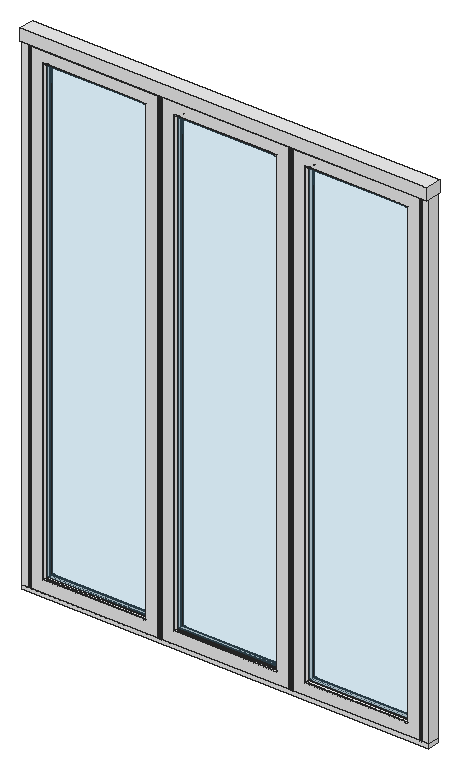
Revit family "Window-NanaWall-WD-66", category Windows, host Wall, Revit 2013 (continued)
Definition of nested family "Right-Jamb_WD-66"
  Definition of nested family "RightJamb_WD66"
    Lines and regions (in)
      model lines, style "DetailComponents", in view "Ref. Level"
        curve 86: arc (3.7709855, 0.779978, 0) -> (3.7659133, 0.781982, 0) -> (3.7607556, 0.7802096, 0) r 0.007874
        curve 87: arc (3.7233905, 0.7550084, 0) -> (3.727531, 0.7545118, 0) -> (3.7313445, 0.7561994, 0) r 0.007874
        curve 88: arc (3.7759883, 0.7332389, 0) -> (3.7709161, 0.7352429, 0) -> (3.7657585, 0.7334705, 0) r 0.007874
        curve 90: arc (3.6476249, 0.6894568, 0) -> (3.6509826, 0.6830067, 0) -> (3.658192, 0.6820576, 0) r 0.007874
        curve 92: arc (3.6584735, 0.7389739, 0) -> (3.651107, 0.7382187, 0) -> (3.6476249, 0.7316833, 0) r 0.007874
        curve 108: arc (3.798066, -0.7891193, 0) -> (3.8006851, -0.782985, 0) -> (3.7976572, -0.7770417, 0) r 0.007874
        curve 109: arc (3.7691516, -0.7179866, 0) -> (3.7614846, -0.7168465, 0) -> (3.7565556, -0.7228289, 0) r 0.007874
        curve 110: arc (3.7428694, -0.7472288, 0) -> (3.7494994, -0.7466487, 0) -> (3.7533168, -0.7411969, 0) r 0.007874
        curve 111: arc (3.845301, -0.7891193, 0) -> (3.8479201, -0.782985, 0) -> (3.8448922, -0.7770417, 0) r 0.007874
        curve 112: arc (3.760268, -0.85628, 0) -> (3.7654256, -0.8580524, 0) -> (3.7704978, -0.8560485, 0) r 0.007874
        curve 113: arc (3.7308569, -0.8322698, 0) -> (3.7270434, -0.8305822, 0) -> (3.7229028, -0.8310789, 0) r 0.007874
        curve 114: arc (3.7652708, -0.8095409, 0) -> (3.7704285, -0.8113133, 0) -> (3.7755006, -0.8093093, 0) r 0.007874
        curve 116: arc (3.6577043, -0.758128, 0) -> (3.6504949, -0.7590772, 0) -> (3.6471372, -0.7655272, 0) r 0.007874
        curve 118: arc (3.6476249, -0.8104817, 0) -> (3.6518379, -0.81496, 0) -> (3.6579858, -0.8150443, 0) r 0.007874
        curve 123: arc (3.6476249, -1.2401575, 0) -> (3.676453, -1.3097546, 0) -> (3.7460501, -1.3385827, 0) r 0.0984252
        curve 124: arc (3.6476249, 0.8661417, 0) -> (3.6706873, 0.810464, 0) -> (3.726365, 0.7874016, 0) r 0.0787402
        curve 125: arc (3.726365, -0.8661417, 0) -> (3.6706873, -0.8892042, 0) -> (3.6476249, -0.9448819, 0) r 0.0787402
        curve 126: arc (3.7460501, 1.2598425, 0) -> (3.676453, 1.2310144, 0) -> (3.6476249, 1.1614173, 0) r 0.0984252
        curve 127: arc (5.222428, 1.1614173, 0) -> (5.1936, 1.2310144, 0) -> (5.1240028, 1.2598425, 0) r 0.0984252
        curve 128: arc (5.1240028, -1.3385827, 0) -> (5.1936, -1.3097546, 0) -> (5.222428, -1.2401575, 0) r 0.0984252
        curve 129: arc (3.8641603, 0.1636519, 0) -> (3.8731509, 0.1184531, 0) -> (3.898754, 0.0801354, 0) r 0.1181102
        curve 130: arc (3.898754, -0.1588755, 0) -> (3.8731509, -0.1971932, 0) -> (3.8641603, -0.2423921, 0) r 0.1181102
        curve 131: arc (3.6673099, -0.6496063, 0) -> (3.6533905, -0.6553719, 0) -> (3.6476249, -0.6692913, 0) r 0.019685
        curve 132: arc (3.6476249, -0.698424, 0) -> (3.6511849, -0.7097149, 0) -> (3.6605772, -0.7169219, 0) r 0.019685
        curve 133: arc (3.6605772, 0.6381818, 0) -> (3.6511849, 0.6309748, 0) -> (3.6476249, 0.6196839, 0) r 0.019685
        curve 134: arc (3.6476249, 0.5905512, 0) -> (3.6533905, 0.5766318, 0) -> (3.6673099, 0.5708661, 0) r 0.019685
        curve 135: arc (4.0806958, -0.8464567, 0) -> (4.0691645, -0.8186178, 0) -> (4.0413257, -0.8070866, 0) r 0.0393701
        curve 136: arc (3.9232154, -0.8070866, 0) -> (3.9347467, -0.8349255, 0) -> (3.9625855, -0.8464567, 0) r 0.0393701
        curve 137: arc (4.1200658, -0.7086614, 0) -> (4.1085346, -0.6808226, 0) -> (4.0806958, -0.6692913, 0) r 0.0393701
        curve 138: arc (3.945522, -0.1485326, 0) -> (3.9310614, -0.1380367, 0) -> (3.9140686, -0.1435609, 0) r 0.019685
        curve 139: arc (3.9620231, -0.2898174, 0) -> (4.0316149, -0.3315301, 0) -> (4.1094809, -0.3543307, 0) r 0.3188976
        curve 140: arc (3.945522, -0.1485326, 0) -> (3.9937973, -0.2132651, 0) -> (4.0607998, -0.258337, 0) r 0.2401575
        curve 141: arc (3.9620231, -0.2898174, 0) -> (3.9495567, -0.2884665, 0) -> (3.9429005, -0.2990933, 0) r 0.011811
        curve 142: arc (4.1200658, -0.3543307, 0) -> (4.1479047, -0.3427995, 0) -> (4.1594359, -0.3149606, 0) r 0.0393701
        curve 143: arc (4.0607998, -0.258337, 0) -> (4.07957, -0.2569215, 0) -> (4.0885698, -0.2403889, 0) r 0.019685
        curve 144: arc (4.0607998, 0.1795969, 0) -> (3.9937973, 0.1345249, 0) -> (3.945522, 0.0697924, 0) r 0.2401575
        curve 145: arc (4.1094809, 0.2755906, 0) -> (4.0316149, 0.25279, 0) -> (3.9620231, 0.2110773, 0) r 0.3188976
        curve 146: arc (3.9140686, 0.0648207, 0) -> (3.9310614, 0.0592965, 0) -> (3.945522, 0.0697924, 0) r 0.019685
        curve 147: arc (3.9429005, 0.2203531, 0) -> (3.9495567, 0.2097263, 0) -> (3.9620231, 0.2110773, 0) r 0.011811
        curve 148: arc (4.1594359, 0.2362205, 0) -> (4.1479047, 0.2640593, 0) -> (4.1200658, 0.2755906, 0) r 0.0393701
        curve 149: arc (4.0885698, 0.1616488, 0) -> (4.07957, 0.1781814, 0) -> (4.0607998, 0.1795969, 0) r 0.019685
        curve 150: arc (4.0413257, 0.7283465, 0) -> (4.0691645, 0.7398777, 0) -> (4.0806958, 0.7677165, 0) r 0.0393701
        curve 151: arc (3.9625855, 0.7677165, 0) -> (3.9347467, 0.7561853, 0) -> (3.9232154, 0.7283465, 0) r 0.0393701
        curve 152: arc (4.0806958, 0.5905512, 0) -> (4.1085346, 0.6020824, 0) -> (4.1200658, 0.6299213, 0) r 0.0393701
        curve 261: line (3.7566086, 0.5135267, 0) -> (3.7854202, 0.184209, 0)
        curve 262: line (4.0512776, -0.215908, 0) -> (4.0610107, -0.104658, 0)
        curve 263: line (4.0610107, 0.0259178, 0) -> (4.0512776, 0.1371678, 0)
        curve 264: line (3.8575524, -0.0984252, 0) -> (3.9217436, -0.0984252, 0)
        curve 265: line (3.9217436, 0.019685, 0) -> (3.8575524, 0.019685, 0)
        curve 266: line (3.7460501, -0.321217, 0) -> (3.7460501, -0.635336, 0)
        curve 267: line (3.7460501, -0.635336, 0) -> (3.6476249, -0.6439471, 0)
        curve 268: line (3.6476249, -0.6439471, 0) -> (3.6476249, -1.3385827, 0)
        curve 331: line (3.7233905, 0.7550084, 0) -> (3.6476249, 0.785921, 0)
        curve 332: line (3.6476249, 0.785921, 0) -> (3.6476249, 1.0024565, 0)
        curve 333: line (3.658192, 0.6820576, 0) -> (3.6836355, 0.6913183, 0)
        curve 334: line (3.6836355, 0.6913183, 0) -> (3.7857645, 0.6913183, 0)
        curve 335: line (3.7857645, 0.6913183, 0) -> (3.7981449, 0.7009713, 0)
        curve 336: line (3.6476249, 0.5497006, 0) -> (3.6476249, 0.6363147, 0)
        curve 337: line (3.6476249, 0.6363147, 0) -> (3.743357, 0.6711584, 0)
        curve 338: line (3.7657585, 0.7334705, 0) -> (3.7528457, 0.7229289, 0)
        curve 339: line (3.7528457, 0.7229289, 0) -> (3.6977991, 0.7229289, 0)
        curve 340: line (3.6977991, 0.7229289, 0) -> (3.6584735, 0.7389739, 0)
        curve 341: line (3.8457886, 0.7130489, 0) -> (3.7709855, 0.779978, 0)
        curve 342: line (3.7985536, 0.7130489, 0) -> (3.7759883, 0.7332389, 0)
        curve 343: line (3.7696393, 0.6419162, 0) -> (3.8453799, 0.7009713, 0)
        curve 344: line (3.7538045, 0.6651265, 0) -> (3.7570433, 0.6467584, 0)
        curve 345: line (3.7607556, 0.7802096, 0) -> (3.7313445, 0.7561994, 0)
        curve 346: line (3.6476249, 0.7316833, 0) -> (3.6476249, 0.6894568, 0)
        curve 397: line (3.7229028, -0.8310789, 0) -> (3.6471372, -0.8619914, 0)
        curve 398: line (3.6471372, -0.8619914, 0) -> (3.6471372, -1.0785269, 0)
        curve 399: line (3.6577043, -0.758128, 0) -> (3.6831478, -0.7673887, 0)
        curve 400: line (3.6831478, -0.7673887, 0) -> (3.7852768, -0.7673887, 0)
        curve 401: line (3.7852768, -0.7673887, 0) -> (3.7976572, -0.7770417, 0)
        curve 402: line (3.6471372, -0.625771, 0) -> (3.6471372, -0.7123851, 0)
        curve 403: line (3.6471372, -0.7123851, 0) -> (3.7428694, -0.7472288, 0)
        curve 404: line (3.7652708, -0.8095409, 0) -> (3.752358, -0.7989993, 0)
        curve 405: line (3.752358, -0.7989993, 0) -> (3.6973114, -0.7989993, 0)
        curve 406: line (3.6973114, -0.7989993, 0) -> (3.6579858, -0.8150443, 0)
        curve 407: line (3.845301, -0.7891193, 0) -> (3.7704978, -0.8560485, 0)
        curve 408: line (3.798066, -0.7891193, 0) -> (3.7755006, -0.8093093, 0)
        curve 409: line (3.7691516, -0.7179866, 0) -> (3.8448922, -0.7770417, 0)
        curve 410: line (3.7533168, -0.7411969, 0) -> (3.7565556, -0.7228289, 0)
        curve 411: line (3.760268, -0.85628, 0) -> (3.7308569, -0.8322698, 0)
        curve 412: line (3.6471372, -0.8077537, 0) -> (3.6471372, -0.7655272, 0)
        curve 436: line (3.6476249, -0.9448819, 0) -> (3.6476249, -1.2401575, 0)
        curve 437: line (3.7460501, -1.3385827, 0) -> (5.1240028, -1.3385827, 0)
        curve 438: line (3.726365, 0.7874016, 0) -> (4.198806, 0.7874016, 0)
        curve 439: line (4.198806, 0.7874016, 0) -> (4.198806, 0.5905512, 0)
        curve 440: line (4.198806, 0.5905512, 0) -> (3.9429005, 0.5905512, 0)
        curve 441: line (3.9429005, 0.5905512, 0) -> (3.9429005, 0.2203531, 0)
        curve 442: line (5.1240028, 1.2598425, 0) -> (3.7460501, 1.2598425, 0)
        curve 443: line (3.726365, -0.8661417, 0) -> (4.198806, -0.8661417, 0)
        curve 444: line (4.198806, -0.8661417, 0) -> (4.198806, -0.6692913, 0)
        curve 445: line (4.198806, -0.6692913, 0) -> (3.9429005, -0.6692913, 0)
        curve 446: line (3.9429005, -0.6692913, 0) -> (3.9429005, -0.3543307, 0)
        curve 447: line (3.9429005, -0.3543307, 0) -> (4.198806, -0.3543307, 0)
        curve 448: line (4.198806, -0.3543307, 0) -> (4.198806, 0.2755906, 0)
        curve 449: line (4.198806, 0.2755906, 0) -> (3.9429005, 0.2755906, 0)
        curve 450: line (3.9429005, 0.2755906, 0) -> (3.9429005, 0.5905512, 0)
        curve 451: line (3.9429005, 0.5905512, 0) -> (4.0806958, 0.5905512, 0)
        curve 452: line (4.0806958, 0.5905512, 0) -> (3.9429005, 0.5905512, 0)
        curve 453: line (3.6476249, 1.1614173, 0) -> (3.6476249, 0.8661417, 0)
        curve 454: line (5.222428, 1.1614173, 0) -> (5.222428, 0.3543307, 0)
        curve 455: line (5.222428, 0.3543307, 0) -> (4.9862076, 0.3543307, 0)
        curve 456: line (4.9862076, 0.3543307, 0) -> (4.9862076, -0.4330709, 0)
        curve 457: line (4.9862076, -0.4330709, 0) -> (5.222428, -0.4330709, 0)
        curve 458: line (5.222428, -0.4330709, 0) -> (5.222428, -1.2401575, 0)
        curve 459: line (3.9232154, -0.8070866, 0) -> (3.9232154, -0.7086614, 0)
        curve 460: line (3.9232154, -0.7086614, 0) -> (3.7460501, -0.7086614, 0)
        curve 461: line (3.7460501, -0.7086614, 0) -> (3.7460501, -0.7480315, 0)
        curve 462: line (3.7460501, -0.7480315, 0) -> (3.6605772, -0.7169219, 0)
        curve 463: line (3.6476249, -0.698424, 0) -> (3.6476249, -0.6692913, 0)
        curve 464: line (3.6673099, -0.6496063, 0) -> (3.8641603, -0.6496063, 0)
        curve 465: line (3.8641603, -0.6496063, 0) -> (3.8641603, -0.4928982, 0)
        curve 466: line (3.8641603, -0.4928982, 0) -> (3.8759713, -0.4724409, 0)
        curve 467: line (3.8759713, -0.4724409, 0) -> (3.8641603, -0.4519837, 0)
        curve 468: line (3.8641603, -0.4519837, 0) -> (3.8641603, -0.2423921, 0)
        curve 469: line (3.6605772, 0.6381818, 0) -> (3.7460501, 0.6692913, 0)
        curve 470: line (3.7460501, 0.6692913, 0) -> (3.7460501, 0.6299213, 0)
        curve 471: line (3.7460501, 0.6299213, 0) -> (3.9232154, 0.6299213, 0)
        curve 472: line (3.9232154, 0.6299213, 0) -> (3.9232154, 0.7283465, 0)
        curve 473: line (3.8641603, 0.1636519, 0) -> (3.8641603, 0.3732435, 0)
        curve 474: line (3.8641603, 0.3732435, 0) -> (3.8759713, 0.3937008, 0)
        curve 475: line (3.8759713, 0.3937008, 0) -> (3.8641603, 0.4141581, 0)
        curve 476: line (3.8641603, 0.4141581, 0) -> (3.8641603, 0.5708661, 0)
        curve 477: line (3.8641603, 0.5708661, 0) -> (3.6673099, 0.5708661, 0)
        curve 478: line (3.6476249, 0.5905512, 0) -> (3.6476249, 0.6196839, 0)
        curve 479: line (3.9429005, -0.2990933, 0) -> (3.9429005, -0.6692913, 0)
        curve 480: line (3.9429005, -0.6692913, 0) -> (4.0806958, -0.6692913, 0)
        curve 481: line (4.0806958, -0.8464567, 0) -> (3.9625855, -0.8464567, 0)
        curve 482: line (4.1200658, -0.7086614, 0) -> (3.9625855, -0.7086614, 0)
        curve 483: line (3.9625855, -0.7086614, 0) -> (3.9625855, -0.8070866, 0)
        curve 484: line (3.9625855, -0.8070866, 0) -> (4.0413257, -0.8070866, 0)
        curve 485: line (4.0885698, -0.2403889, 0) -> (4.0885698, 0.1616488, 0)
        curve 486: line (4.1594359, 0.2362205, 0) -> (4.1594359, -0.3149606, 0)
        curve 487: line (3.898754, -0.1588755, 0) -> (3.9140686, -0.1435609, 0)
        curve 488: line (4.1200658, -0.3543307, 0) -> (4.1094809, -0.3543307, 0)
        curve 489: line (3.9140686, 0.0648207, 0) -> (3.898754, 0.0801354, 0)
        curve 490: line (4.1094809, 0.2755906, 0) -> (4.1200658, 0.2755906, 0)
        curve 491: line (3.9625855, 0.7677165, 0) -> (4.0806958, 0.7677165, 0)
        curve 492: line (4.0413257, 0.7283465, 0) -> (3.9625855, 0.7283465, 0)
        curve 493: line (3.9625855, 0.7283465, 0) -> (3.9625855, 0.6299213, 0)
        curve 494: line (3.9625855, 0.6299213, 0) -> (4.1200658, 0.6299213, 0)
      detail lines, in view "Ref. Level", visible <- "Half Piece"
        curve 562: line (3.6476249, -1.3582677, 0) -> (3.6476249, -1.2401575, 0)
      detail lines, in view "Ref. Level"
        curve 563: line (3.6476249, 0.5237521, 0) -> (3.7352828, 0.5314212, 0)
        curve 564: line (3.6476249, -1.2745626, 0) -> (3.6476249, -1.3385827, 0)
Definition of nested family "Sash_WD-66_NanaWall"
  Parameters (values of type "Sash_WD-66_NanaWall")
    Width = 2' - 6.96615"
    Sash = none
    Height = 9' - 7 9/32"
    Glass = Glass - NanaWall - Generic
    Filler = none
    Assembly Code = ""
  Types (2): name | Width
    Sash_WD-66_NanaWall | 2' - 6.96615"
    Sash_WD-66_NanaWall Full | 7' - 8 115/128"
  Reference planes (in)
    plane 1 "Center (Front/Back)": y = -7.7011719
    plane 2: z = 0
    plane 3 "Center (Left/Right)": x = 0.0123471
    plane 4 "Interior": y = -6.4023438
    plane 5 "Exterior": y = -9
    plane 6 "Left": x = -15.4707258
    plane 7 "Right": x = 15.49542
    plane 8 "Left Interior Edge of Sash": x = -11.7754133
    plane 9 "Interior Edge of Glass": y = -7.2684855
    plane 10 "Exterior Edge of Glass": y = -8.2133674
    plane 11 "Left Edge": x = -12.6035383
    plane 12 "Right Interior Edge of Sash": x = 11.8001075
    plane 13 "Right Edge": x = 12.6282325
    plane 14 "Left Interior Edge of Filler": x = -14.9589148
    plane 15 "Top": z = 115.28125
    plane 16 "Top Interior Edge of Filler": z = 114.7695313
    plane 17 "Bottom Interior Edge of Filler": z = 0.5117187
    plane 18 "Right Interior Edge of Filler": x = 14.9837013
    plane 19 "Top Edge of Glass": z = 112.4140625
    plane 20 "Bottom Edge of Glass": z = 2.8671875
    plane 21 "Left Edge of Glass": x = -12.4160383
    plane 22 "Right Edge of Glass": x = 12.4407325
  Forms (in)
    Sweep 1, solid, material <- "Filler"
      path origin (0, -7.7011719, 0) x (1, 0, 0) y (0, 0, 1)
        loop
          line (14.9837013, 0) -> (14.9837013, 114.7695313) -> (-14.9589148, 114.7695313) -> (-14.9589148, 0)
      profile origin (-14.9589148, -7.7011719, 57.3847656) x (0, -1, 0) y (1, 0, 0)
        loop
          line (-1.2988281, -0.511811) -> (1.2988281, -0.511811) -> (1.2988281, 0) -> (-1.2988281, 0) -> (-1.2988281, -0.511811)
    Sweep 2, solid, material <- "Sash"
      path origin (0, -7.7011719, 0) x (1, 0, 0) y (0, 0, 1)
        loop
          line (-14.9589148, 114.7695313) -> (-14.9589148, 0) -> (14.9837013, 0) -> (14.9837013, 114.7695313) -> (-14.9589148, 114.7695313)
      profile origin (-14.9589148, -7.7011719, 57.3847656) x (0, -1, 0) y (1, 0, 0)
        loop
          line (-1.2988281, 0) -> (1.2988281, 0) -> (1.2988281, 2.7555208)
          arc (1.2988281, 2.7555208) -> (1.2512534, 2.8796631) -> (1.1441688, 2.958451) r 0.2362205
          line (1.1441688, 2.958451) -> (0.7608264, 3.0790398) -> (0.729364, 3.1017068)
          arc (0.729364, 3.1017068) -> (0.6243199, 3.1474994) -> (0.5121955, 3.1711498) r 0.5648652
          line (0.5121955, 3.1711498) -> (0.5121955, 2.3553765) -> (-0.4326864, 2.3553765) -> (-0.4326864, 3.1650036)
          arc (-0.4326864, 3.1650036) -> (-0.4410806, 3.1811286) -> (-0.4591041, 3.1835015) r 0.019685
          line (-0.4591041, 3.1835015) -> (-0.6514853, 3.1134804) -> (-0.6925759, 3.091767) -> (-1.1433998, 2.9276806)
          arc (-1.1433998, 2.9276806) -> (-1.2561081, 2.8411964) -> (-1.2988281, 2.7057059) r 0.2362205
          line (-1.2988281, 2.7057059) -> (-1.2988281, 0)
    Extrusion 3, solid, material "Glass - NanaWall - Generic" <- "Glass"
      sketch origin (0, -7.7011719, 0) x (1, 0, 0) y (0, 0, 1)
        loop
          line (-12.4160383, 112.4140625) -> (-12.4160383, 2.8671875) -> (12.4407325, 2.8671875) -> (12.4407325, 112.4140625) -> (-12.4160383, 112.4140625)
      from -0.4326864 to 0.5121955
  Lines and regions (in)
    Masking region 1
      outline origin (0, 0, 0) x (1, 0, 0) y (0, 1, 0)
        loop
          line (-15.4707258, -6.4023438) -> (-15.4707258, -9) -> (-12.2033939, -9)
          arc (-12.2033939, -9) -> (-12.0750715, -8.9491646) -> (-11.9970621, -8.8352989) r 0.2362205
          line (-11.9970621, -8.8352989) -> (-11.879875, -8.4619983)
          arc (-11.879875, -8.4619983) -> (-11.8177586, -8.343633) -> (-11.787765, -8.2133674) r 0.5216211
          line (-11.787765, -8.2133674) -> (-12.6035383, -8.2133674) -> (-12.6035383, -7.2684855) -> (-11.7939112, -7.2684855)
          arc (-11.7939112, -7.2684855) -> (-11.7777861, -7.2600913) -> (-11.7754133, -7.2420678) r 0.019685
          line (-11.7754133, -7.2420678) -> (-11.8454343, -7.0496865) -> (-11.8671477, -7.008596) -> (-12.0287337, -6.5610189)
          arc (-12.0287337, -6.5610189) -> (-12.116073, -6.4463821) -> (-12.2532968, -6.4023438) r 0.2402675
          line (-12.2532968, -6.4023438) -> (-15.4707258, -6.4023438)
    Masking region 2
      outline origin (0, 0, 0) x (1, 0, 0) y (0, 1, 0)
        loop
          line (12.2280882, -9) -> (15.49542, -9) -> (15.49542, -6.4024716) -> (12.2788727, -6.4024716)
          arc (12.2788727, -6.4024716) -> (12.1409454, -6.4460492) -> (12.0530924, -6.5609613) r 0.2400653
          line (12.0530924, -6.5609613) -> (11.891842, -7.008596) -> (11.8701286, -7.0496865) -> (11.8001075, -7.2420678)
          arc (11.8001075, -7.2420678) -> (11.8024804, -7.2600913) -> (11.8186054, -7.2684855) r 0.019685
          line (11.8186054, -7.2684855) -> (12.6282325, -7.2684855) -> (12.6282325, -8.2133674) -> (11.8124593, -8.2133674)
          arc (11.8124593, -8.2133674) -> (11.8424529, -8.343633) -> (11.9045692, -8.4619983) r 0.5216211
          line (11.9045692, -8.4619983) -> (12.0217563, -8.8352989)
          arc (12.0217563, -8.8352989) -> (12.0997658, -8.9491646) -> (12.2280882, -9) r 0.2362205
    Masking region 3, detail levels medium+fine
      outline origin (0, 0, 0) x (1, 0, 0) y (0, 1, 0)
        loop
          line (-15.4707258, -6.4023438) -> (-15.4707258, -9) -> (-14.9589148, -9) -> (-14.9589148, -6.4023438) -> (-15.4707258, -6.4023438)
    Masking region 4, detail levels medium+fine
      outline origin (0, 0, 0) x (1, 0, 0) y (0, 1, 0)
        loop
          line (15.49542, -6.4023438) -> (14.9837013, -6.4023438) -> (14.9837013, -9) -> (15.49542, -9) -> (15.49542, -6.4023438)
    Masking region 5
      outline origin (0, 0, 0) x (1, 0, 0) y (0, 1, 0)
        loop
          line (12.4407325, -7.2684855) -> (-12.4160383, -7.2684855) -> (-12.4160383, -8.2133674) -> (12.4407325, -8.2133674) -> (12.4407325, -7.2684855)
    Masking region 6
      outline origin (0, 0, 0) x (1, 0, 0) y (0, 1, 0)
        loop
          arc (-12.2532088, -6.4023438) -> (-12.1177184, -6.4450637) -> (-12.0312342, -6.5577721) r 0.2362205
          line (-12.0312342, -6.5577721) -> (-11.8671477, -7.008596) -> (-11.8454343, -7.0496865) -> (-11.7754133, -7.2420678)
          arc (-11.7754133, -7.2420678) -> (-11.7777861, -7.2600913) -> (-11.7939112, -7.2684855) r 0.019685
          line (-11.7939112, -7.2684855) -> (11.8186977, -7.2684855)
          arc (11.8186977, -7.2684855) -> (11.8025727, -7.2600913) -> (11.8001998, -7.2420678) r 0.019685
          line (11.8001998, -7.2420678) -> (11.8702209, -7.0496865) -> (11.8919343, -7.008596) -> (12.0560207, -6.5577721)
          arc (12.0560207, -6.5577721) -> (12.1425049, -6.4450637) -> (12.2779954, -6.4023438) r 0.2362205
          line (12.2779954, -6.4023438) -> (-12.2532088, -6.4023438)
    Masking region 7
      outline origin (0, 0, 0) x (1, 0, 0) y (0, 1, 0)
        loop
          line (-12.2033939, -9) -> (12.2281805, -9)
          arc (12.2281805, -9) -> (12.1040382, -8.9524253) -> (12.0252503, -8.8453406) r 0.2362205
          line (12.0252503, -8.8453406) -> (11.9046615, -8.4619983) -> (11.8819945, -8.4305359)
          arc (11.8819945, -8.4305359) -> (11.8362019, -8.3254918) -> (11.8125515, -8.2133674) r 0.5648652
          line (11.8125515, -8.2133674) -> (-11.787765, -8.2133674)
          arc (-11.787765, -8.2133674) -> (-11.8114154, -8.3254918) -> (-11.857208, -8.4305359) r 0.5648652
          line (-11.857208, -8.4305359) -> (-11.879875, -8.4619983) -> (-12.0004637, -8.8453406)
          arc (-12.0004637, -8.8453406) -> (-12.0792517, -8.9524253) -> (-12.2033939, -9) r 0.2362205
    Masking region 8
      outline origin (0, 0, 0) x (1, 0, 0) y (0, 1, 0)
        loop
          line (-12.6035383, -8.2133674) -> (-12.4160383, -8.2133674) -> (-12.4160383, -7.2684855) -> (-12.6035383, -7.2684855) -> (-12.6035383, -8.2133674)
    Masking region 9
      outline origin (0, 0, 0) x (1, 0, 0) y (0, 1, 0)
        loop
          line (12.4407325, -7.2684855) -> (12.4407325, -8.2133674) -> (12.6282325, -8.2133674) -> (12.6282325, -7.2684855) -> (12.4407325, -7.2684855)
  Text (in)
    text "INTERIOR" at (-58.4177117, 10.1946971, 0), in view "Ref. Level"
    text "EXTERIOR" at (-58.4177117, -20.0411398, 0), in view "Ref. Level"
  Dimensions and locks (in)
    equal spacing: plane 4 "Interior", plane 1 "Center (Front/Back)", plane 5 "Exterior"
    equal spacing: plane 6 "Left", plane 3 "Center (Left/Right)", plane 7 "Right"
    locked: plane 4 "Interior" to plane 5 "Exterior" at 2.5976563
    locked: plane 4 "Interior" to plane 9 "Interior Edge of Glass" at 0.8661417
    locked: plane 10 "Exterior Edge of Glass" to plane 5 "Exterior" at 0.7866326
    locked: plane 11 "Left Edge" to plane 8 "Left Interior Edge of Sash" at 0.828125
    locked: plane 12 "Right Interior Edge of Sash" to plane 13 "Right Edge" at 0.828125
    locked: plane 6 "Left" to plane 14 "Left Interior Edge of Filler" at 0.511811
    "Height": plane 15 "Top" to level
    "Width": plane 6 "Left" to plane 7 "Right"
    locked: plane 18 "Right Interior Edge of Filler" to plane 7 "Right" at 0.5117188
    locked: plane 15 "Top" to plane 16 "Top Interior Edge of Filler" at 0.5117188
    locked: plane 17 "Bottom Interior Edge of Filler" to level at 0.5117188
    locked: plane 13 "Right Edge" to plane 7 "Right" at 2.8671875
    locked: plane 6 "Left" to plane 11 "Left Edge" at 2.8671875
    locked: plane 20 "Bottom Edge of Glass" to level at 2.8671875
    locked: plane 15 "Top" to plane 19 "Top Edge of Glass" at 2.8671875
    locked: plane 11 "Left Edge" to plane 21 "Left Edge of Glass" at 0.1875
    locked: plane 22 "Right Edge of Glass" to plane 13 "Right Edge" at 0.1875
    aligned and locked: Sweep 1 sketch curve to plane 14 "Left Interior Edge of Filler"
    aligned and locked: Sweep 1 sketch curve to plane 18 "Right Interior Edge of Filler"
    aligned and locked: plane 6 "Left" to Sweep 1 sketch curve
    aligned and locked: plane 4 "Interior" to Sweep 1 sketch curve
    aligned and locked: plane 14 "Left Interior Edge of Filler" to Sweep 1 sketch curve
    aligned and locked: plane 5 "Exterior" to Sweep 1 sketch curve
    aligned and locked: Sweep 2 sketch curve to plane 14 "Left Interior Edge of Filler"
    aligned and locked: Sweep 2 sketch curve to plane 16 "Top Interior Edge of Filler"
    aligned and locked: Sweep 2 sketch curve to plane 18 "Right Interior Edge of Filler"
    aligned and locked: plane 14 "Left Interior Edge of Filler" to Sweep 2 sketch curve
    aligned and locked: plane 4 "Interior" to Sweep 2 sketch curve
    aligned and locked: plane 11 "Left Edge" to Sweep 2 sketch curve
    aligned and locked: plane 10 "Exterior Edge of Glass" to Sweep 2 sketch curve
    aligned and locked: plane 5 "Exterior" to Sweep 2 sketch curve
    aligned and locked: Extrusion 3 sketch curve to plane 19 "Top Edge of Glass"
    aligned and locked: Extrusion 3 sketch curve to plane 20 "Bottom Edge of Glass"
    aligned and locked: Extrusion 3 to plane 9 "Interior Edge of Glass"
    aligned and locked: Extrusion 3 to plane 10 "Exterior Edge of Glass"
    aligned and locked: plane 21 "Left Edge of Glass" to Extrusion 3 sketch curve
    aligned and locked: Extrusion 3 sketch curve to plane 22 "Right Edge of Glass"
    aligned and locked: level to Sweep 1 sketch curve  (x2)
    aligned and locked: Sweep 2 sketch curve to level
    aligned and locked: Masking region 1 sketch curve to plane 4 "Interior"
    aligned and locked: Masking region 1 sketch curve to plane 5 "Exterior"
    aligned and locked: Masking region 1 sketch curve to plane 6 "Left"
    aligned and locked: Masking region 1 sketch curve to plane 11 "Left Edge"
    aligned and locked: Masking region 1 sketch curve to plane 10 "Exterior Edge of Glass"
    aligned and locked: Masking region 2 sketch curve to plane 5 "Exterior"
    aligned and locked: Masking region 2 sketch curve to plane 7 "Right"
    aligned and locked: plane 13 "Right Edge" to Masking region 2 sketch curve
    aligned and locked: Masking region 3 sketch curve to plane 6 "Left"
    aligned and locked: Masking region 3 sketch curve to plane 14 "Left Interior Edge of Filler"
    aligned and locked: Masking region 3 sketch curve to plane 4 "Interior"
    aligned and locked: Masking region 3 sketch curve to plane 5 "Exterior"
    aligned and locked: Masking region 4 sketch curve to plane 7 "Right"
    aligned and locked: plane 18 "Right Interior Edge of Filler" to Masking region 4 sketch curve
    aligned and locked: Masking region 4 sketch curve to plane 4 "Interior"
    aligned and locked: Masking region 4 sketch curve to plane 5 "Exterior"
    aligned and locked: plane 22 "Right Edge of Glass" to Masking region 5 sketch curve
    aligned and locked: Masking region 5 sketch curve to plane 10 "Exterior Edge of Glass"
    aligned and locked: Masking region 5 sketch curve to plane 21 "Left Edge of Glass"
    aligned and locked: Masking region 6 sketch curve to plane 4 "Interior"
    aligned and locked: Masking region 7 sketch curve to plane 5 "Exterior"
    aligned and locked: Masking region 8 sketch curve to plane 11 "Left Edge"
    aligned and locked: Masking region 8 sketch curve to plane 21 "Left Edge of Glass"
    aligned and locked: Masking region 8 sketch curve to plane 10 "Exterior Edge of Glass"
    aligned and locked: plane 22 "Right Edge of Glass" to Masking region 9 sketch curve
    aligned and locked: plane 13 "Right Edge" to Masking region 9 sketch curve
  Automatic sketch dimensions
    Sweep 1 sketch curve to plane 16 "Top Interior Edge of Filler" = 0' - 0"
    Sweep 2 sketch curve to Sweep 2 sketch curve = 0' - 0.15543"
    Sweep 2 sketch curve to Sweep 2 sketch curve = 0' - 0.23622"
    Sweep 2 sketch curve to Sweep 2 sketch curve = 0' - 0.45082"
    Sweep 2 sketch curve to Sweep 2 sketch curve = 0' - 0.04109"
    Sweep 2 sketch curve to Sweep 2 sketch curve = 0' - 0.19238"
    Sweep 2 sketch curve to Sweep 2 sketch curve = 0' - 0.00673"
    Sweep 2 sketch curve to Sweep 2 sketch curve = 0' - 0.01969"
    Sweep 2 sketch curve to Sweep 2 sketch curve = 0' - 0.24863"
    Sweep 2 sketch curve to Sweep 2 sketch curve = 0' - 0.03146"
    Sweep 2 sketch curve to Sweep 2 sketch curve = 0' - 0.08079"
    Sweep 2 sketch curve to Sweep 2 sketch curve = 0' - 0.35033"
    Sweep 2 sketch curve to Sweep 2 sketch curve = 0' - 0.09211"
    Sweep 2 sketch curve to Sweep 2 sketch curve = 0' - 0.16409"
    Sweep 2 sketch curve to Sweep 2 sketch curve = 0' - 0.02267"
    Sweep 2 sketch curve to Sweep 2 sketch curve = 0' - 0.02171"
    Sweep 2 sketch curve to Sweep 2 sketch curve = 0' - 0.05152"
    Sweep 2 sketch curve to Sweep 2 sketch curve = 0' - 0.05992"
    Sweep 2 sketch curve to Sweep 2 sketch curve = 0' - 0.2541"
    Sweep 2 sketch curve to Sweep 2 sketch curve = 0' - 0.34256"
    Sweep 2 sketch curve to Sweep 2 sketch curve = 0' - 0.20293"
    Sweep 2 sketch curve to Sweep 2 sketch curve = 0' - 0.01904"
    Masking region 1 sketch curve to plane 9 "Interior Edge of Glass" = 0' - 0"
    Masking region 1 sketch curve to plane 8 "Left Interior Edge of Sash" = 0' - 0"
    plane 10 "Exterior Edge of Glass" to Masking region 1 sketch curve = 0' - 0.05094"
    plane 21 "Left Edge of Glass" to Masking region 1 sketch curve = 0' - 0.10915"
    plane 21 "Left Edge of Glass" to Masking region 1 sketch curve = 0' - 0.16131"
    plane 21 "Left Edge of Glass" to Masking region 1 sketch curve = 0' - 0.16274"
    plane 21 "Left Edge of Glass" to Masking region 1 sketch curve = 0' - 0.1936"
    plane 21 "Left Edge of Glass" to Masking region 1 sketch curve = 0' - 0.21264"
    Masking region 1 sketch curve to plane 4 "Interior" = 0' - 0.15868"
    Masking region 1 sketch curve to Masking region 1 sketch curve = 0' - 0.22599"
    plane 5 "Exterior" to Masking region 1 sketch curve = 0' - 0.1647"
    plane 8 "Left Interior Edge of Sash" to Masking region 1 sketch curve = 0' - 0.22165"
    plane 8 "Left Interior Edge of Sash" to Masking region 1 sketch curve = 0' - 0.10446"
    plane 8 "Left Interior Edge of Sash" to Masking region 1 sketch curve = 0' - 0.09173"
    Masking region 1 sketch curve to Masking region 1 sketch curve = 0' - 0.02171"
    plane 8 "Left Interior Edge of Sash" to Masking region 1 sketch curve = 0' - 0.0185"
    plane 8 "Left Interior Edge of Sash" to Masking region 1 sketch curve = 0' - 0.01235"
    Masking region 1 sketch curve to Masking region 1 sketch curve = 0' - 0.01969"
    Masking region 1 sketch curve to Masking region 1 sketch curve = 0' - 0.19238"
    Masking region 1 sketch curve to Masking region 1 sketch curve = 0' - 0.04109"
    plane 10 "Exterior Edge of Glass" to Masking region 2 sketch curve = 0' - 0"
    Masking region 2 sketch curve to plane 12 "Right Interior Edge of Sash" = 0' - 0"
    plane 12 "Right Interior Edge of Sash" to Masking region 2 sketch curve = 0' - 0.01235"
    plane 12 "Right Interior Edge of Sash" to Masking region 2 sketch curve = 0' - 0.0185"
    plane 12 "Right Interior Edge of Sash" to Masking region 2 sketch curve = 0' - 0.07002"
    Masking region 2 sketch curve to Masking region 2 sketch curve = 0' - 0.02171"
    plane 12 "Right Interior Edge of Sash" to Masking region 2 sketch curve = 0' - 0.10446"
    plane 12 "Right Interior Edge of Sash" to Masking region 2 sketch curve = 0' - 0.22165"
    plane 12 "Right Interior Edge of Sash" to Masking region 2 sketch curve = 0' - 0.25298"
    plane 22 "Right Edge of Glass" to Masking region 2 sketch curve = 0' - 0.21264"
    plane 22 "Right Edge of Glass" to Masking region 2 sketch curve = 0' - 0.1936"
    plane 22 "Right Edge of Glass" to Masking region 2 sketch curve = 0' - 0.16186"
    plane 10 "Exterior Edge of Glass" to Masking region 2 sketch curve = 0' - 0.05094"
    plane 22 "Right Edge of Glass" to Masking region 2 sketch curve = 0' - 0.10915"
    plane 5 "Exterior" to Masking region 2 sketch curve = 0' - 0.1647"
    Masking region 2 sketch curve to Masking region 2 sketch curve = 0' - 0.01969"
    Masking region 2 sketch curve to Masking region 2 sketch curve = 0' - 0.19238"
    Masking region 2 sketch curve to Masking region 2 sketch curve = 0' - 0.04109"
    Masking region 2 sketch curve to Masking region 2 sketch curve = 0' - 0.24007"
    Masking region 2 sketch curve to plane 4 "Interior" = 0' - 0.24019"
    plane 9 "Interior Edge of Glass" to Masking region 2 sketch curve = 0' - 0"
    Masking region 5 sketch curve to plane 9 "Interior Edge of Glass" = 0' - 0"
    plane 6 "Left" to Masking region 6 sketch curve = 0' - 3.21752"
    Masking region 6 sketch curve to plane 7 "Right" = 0' - 3.21742"
    Masking region 6 sketch curve to plane 9 "Interior Edge of Glass" = 0' - 0"  (x2)
    plane 21 "Left Edge of Glass" to Masking region 6 sketch curve = 0' - 0.62213"
    plane 22 "Right Edge of Glass" to Masking region 6 sketch curve = 0' - 0.62203"
    plane 21 "Left Edge of Glass" to Masking region 6 sketch curve = 0' - 0.16283"
    Masking region 6 sketch curve to plane 4 "Interior" = 0' - 0.15543"
    Masking region 6 sketch curve to Masking region 6 sketch curve = 0' - 0.22197"
    plane 8 "Left Interior Edge of Sash" to Masking region 6 sketch curve = 0' - 0.09173"
    plane 9 "Interior Edge of Glass" to Masking region 6 sketch curve = 0' - 0.25989"  (x2)
    Masking region 6 sketch curve to plane 8 "Left Interior Edge of Sash" = 0' - 0"
    Masking region 6 sketch curve to Masking region 6 sketch curve = 0' - 0.02171"  (x2)
    plane 9 "Interior Edge of Glass" to Masking region 6 sketch curve = 0' - 0.02642"  (x2)
    Masking region 6 sketch curve to Masking region 6 sketch curve = 0' - 0.04109"  (x2)
    plane 8 "Left Interior Edge of Sash" to Masking region 6 sketch curve = 0' - 0.0185"
    Masking region 6 sketch curve to plane 4 "Interior" = 0' - 0"  (x2)
    plane 12 "Right Interior Edge of Sash" to Masking region 6 sketch curve = 0' - 0.25591"
    plane 22 "Right Edge of Glass" to Masking region 6 sketch curve = 0' - 0.16274"
    Masking region 6 sketch curve to Masking region 6 sketch curve = 0' - 0.23622"
    plane 12 "Right Interior Edge of Sash" to Masking region 6 sketch curve = 0' - 0.09183"
    plane 12 "Right Interior Edge of Sash" to Masking region 6 sketch curve = 0' - 0.00009"
    plane 12 "Right Interior Edge of Sash" to Masking region 6 sketch curve = 0' - 0.01859"
    plane 9 "Interior Edge of Glass" to Masking region 6 sketch curve = 0' - 0"
    Masking region 7 sketch curve to plane 10 "Exterior Edge of Glass" = 0' - 0"
    Masking region 7 sketch curve to plane 5 "Exterior" = 0' - 0"
    plane 21 "Left Edge of Glass" to Masking region 7 sketch curve = 0' - 0.0666"
    plane 8 "Left Interior Edge of Sash" to Masking region 7 sketch curve = 0' - 0.08179"
    plane 8 "Left Interior Edge of Sash" to Masking region 7 sketch curve = 0' - 0.01235"
    Masking region 7 sketch curve to plane 10 "Exterior Edge of Glass" = 0' - 0.21717"
    plane 21 "Left Edge of Glass" to Masking region 7 sketch curve = 0' - 0.1936"
    plane 21 "Left Edge of Glass" to Masking region 7 sketch curve = 0' - 0.21264"
    plane 5 "Exterior" to Masking region 7 sketch curve = 0' - 0.15466"  (x2)
    plane 8 "Left Interior Edge of Sash" to Masking region 7 sketch curve = 0' - 0.22505"
    Masking region 7 sketch curve to Masking region 7 sketch curve = 0' - 0.02267"  (x2)
    Masking region 7 sketch curve to Masking region 7 sketch curve = 0' - 0.03146"  (x2)
    plane 12 "Right Interior Edge of Sash" to Masking region 7 sketch curve = 0' - 0.01244"
    plane 12 "Right Interior Edge of Sash" to Masking region 7 sketch curve = 0' - 0.08189"
    plane 12 "Right Interior Edge of Sash" to Masking region 7 sketch curve = 0' - 0.22514"
    plane 22 "Right Edge of Glass" to Masking region 7 sketch curve = 0' - 0.0665"
    Masking region 7 sketch curve to plane 10 "Exterior Edge of Glass" = 0' - 0.24863"
    plane 22 "Right Edge of Glass" to Masking region 7 sketch curve = 0' - 0.21255"
    plane 22 "Right Edge of Glass" to Masking region 7 sketch curve = 0' - 0.19351"
    Masking region 8 sketch curve to plane 9 "Interior Edge of Glass" = 0' - 0"
    plane 9 "Interior Edge of Glass" to Masking region 9 sketch curve = 0' - 0"
    plane 10 "Exterior Edge of Glass" to Masking region 9 sketch curve = 0' - 0"
Definition of nested family "Sill_WD-66"
  Parameters (values of type "Sill_WD-66")
    Width = 8' - 0"
    Sill = none
    Height = 0' - 0"
    Half = yes
    Assembly Code = ""
  Reference planes (in)
    plane 1 "Center (Front/Back)": y = 0
    plane 2: z = 0
    plane 3 "Center (Left/Right)": x = -7.3020696
    plane 4 "Left": x = -55.3020696
    plane 5 "Right": x = 40.6979304
    plane 6 "Top": z = 0
  Forms (in)
    Sweep 1, solid, material <- "Sill"
      path origin (-67.0957811, 179.9804688, 0) x (-1, 0, 0) y (0, -1, 0)
        loop
          line (-11.7937115, 180) -> (-107.7937115, 180)
      profile "Profile_Sill_WD-66 : Profile_Sill_WD-66" origin (-7.3020696, -0.0195312, 0) x (0, 1, 0) y (0, 0, 1)
        loop
          line (1.3188976, 0) -> (1.3188976, 0.921875) -> (-1.2795276, 0.921875) -> (-1.2795276, 0) -> (1.3188976, 0)
  Dimensions and locks (in)
    equal spacing: plane 4 "Left", plane 3 "Center (Left/Right)", plane 5 "Right"
    "Width": plane 4 "Left" to plane 5 "Right"
    "Height": plane 6 "Top" to level
    aligned and locked: nested 1 to plane 1 "Center (Front/Back)"
    aligned and locked: nested 1 to level
  Automatic sketch dimensions
    plane 1 "Center (Front/Back)" to Sweep 1 sketch curve = 0' - 0 5/256"
    Sweep 1 sketch curve to plane 5 "Right" = 0' - 0"
    Sweep 1 sketch curve to plane 4 "Left" = 0' - 0"
  Nested families (in)
    nested 1: "Sill_WD66" at (-55.3020696, 0, 0) x (0, 1, 0) z (1, 0, 0), type "Head_WD66", detail levels fine
  Definition of nested family "Sill_WD66"
    Parameters (values of type "Head_WD66")
      SmartBIM Object Version = 1  # constant formula
      SmartBIM Object Created By = "Reed Construction Data"  # constant formula
      Half = yes
      Assembly Code = ""
      95 CSI = ""
      04 CSI = ""
    Reference planes (in)
      plane 1 "Center (Front/Back)": y = 0
      plane 2: z = 0
      plane 3 "Center (Left/Right)": x = 0
    Lines and regions (in)
      model lines, style "DetailComponents", in view "Ref. Level", visible <- "Half"
        curve 1: arc (0.511811, 2.4515965, 0) -> (0.5148916, 2.4453497, 0) -> (0.521723, 2.4439908, 0) r 0.007874
        curve 2: arc (0.5176471, 2.4836576, 0) -> (0.5134382, 2.4808453, 0) -> (0.511811, 2.4760519, 0) r 0.007874
        curve 3: arc (0.6692913, 2.47327, 0) -> (0.6662107, 2.4795169, 0) -> (0.6593794, 2.4808758, 0) r 0.007874
        curve 4: arc (0.6634553, 2.441209, 0) -> (0.6676642, 2.4440213, 0) -> (0.6692913, 2.4488147, 0) r 0.007874
        curve 5: arc (0.7086614, 2.5, 0) -> (0.7028958, 2.5139194, 0) -> (0.6889764, 2.519685, 0) r 0.019685
        curve 6: arc (0.5314961, 2.2834646, 0) -> (0.5175766, 2.277699, 0) -> (0.511811, 2.2637795, 0) r 0.019685
        curve 7: arc (0.511811, 2.3700787, 0) -> (0.5148916, 2.3638319, 0) -> (0.521723, 2.362473, 0) r 0.007874
        curve 8: arc (0.5176471, 2.4021398, 0) -> (0.5134382, 2.3993275, 0) -> (0.511811, 2.3945341, 0) r 0.007874
        curve 9: arc (0.511811, 2.1850394, 0) -> (0.5175766, 2.1711199, 0) -> (0.5314961, 2.1653543, 0) r 0.019685
        curve 10: arc (0.6496063, 2.2834646, 0) -> (0.6635257, 2.2892302, 0) -> (0.6692913, 2.3031496, 0) r 0.019685
        curve 11: arc (0.6692913, 2.3917522, 0) -> (0.6662107, 2.3979991, 0) -> (0.6593794, 2.3993579, 0) r 0.007874
        curve 12: arc (0.5708661, 1.6043307, 0) -> (0.5610236, 1.6141732, 0) -> (0.5511811, 1.6043307, 0) r 0.0098425
        curve 13: arc (0.5785002, 1.5773867, 0) -> (0.5961306, 1.7170213, 0) -> (0.5511811, 1.8503937, 0) r 0.3149606
        curve 14: arc (0.6080767, 1.5665593, 0) -> (0.6291919, 1.6856606, 0) -> (0.6080767, 1.8047619, 0) r 0.3464567
        curve 15: arc (0.6143044, 1.8091313, 0) -> (0.6095126, 1.8093383, 0) -> (0.6080767, 1.8047619, 0) r 0.003937
        curve 16: arc (0.5748031, 1.5433071, 0) -> (0.5950997, 1.5496962, 0) -> (0.6080767, 1.5665593, 0) r 0.0354331
        curve 17: arc (0.5708661, 1.5787402, 0) -> (0.5741159, 1.5748636, 0) -> (0.5785002, 1.5773867, 0) r 0.003937
        curve 18: arc (0.5511811, 1.4645669, 0) -> (0.5553967, 1.4575944, 0) -> (0.5635295, 1.4580878, 0) r 0.007874
        curve 19: arc (0.696313, 1.4580878, 0) -> (0.7044458, 1.4575944, 0) -> (0.7086614, 1.4645669, 0) r 0.007874
        curve 20: line (0.6889764, 2.519685, 0) -> (0.6521033, 2.519685, 0)
        curve 21: line (0.6521033, 2.519685, 0) -> (0.5176471, 2.4836576, 0)
        curve 22: line (0.521723, 2.4439908, 0) -> (0.6593794, 2.4808758, 0)
        curve 23: line (0.511811, 2.4515965, 0) -> (0.511811, 2.4760519, 0)
        curve 24: line (0.6692913, 2.47327, 0) -> (0.6692913, 2.4488147, 0)
        curve 25: line (0.6496063, 2.2834646, 0) -> (0.5314961, 2.2834646, 0)
        curve 26: line (0.6692913, 2.2047244, 0) -> (0.5511811, 2.2047244, 0)
        curve 27: line (0.5511811, 2.2047244, 0) -> (0.5511811, 2.2440945, 0)
        curve 28: line (0.5511811, 2.2440945, 0) -> (0.6692913, 2.2440945, 0)
        curve 29: line (0.6692913, 2.2440945, 0) -> (0.6692913, 2.2047244, 0)
        curve 30: line (0.6634553, 2.441209, 0) -> (0.5176471, 2.4021398, 0)
        curve 31: line (0.521723, 2.362473, 0) -> (0.6593794, 2.3993579, 0)
        curve 32: line (0.511811, 2.3700787, 0) -> (0.511811, 2.3945341, 0)
        curve 33: line (0.511811, 2.1850394, 0) -> (0.511811, 2.2637795, 0)
        curve 34: line (0.5511811, 1.8503937, 0) -> (0.5511811, 2.1653543, 0)
        curve 35: line (0.5511811, 2.1653543, 0) -> (0.5314961, 2.1653543, 0)
        curve 36: line (0.6692913, 2.3917522, 0) -> (0.6692913, 2.3031496, 0)
        curve 37: line (0.5905512, 2.0472441, 0) -> (0.5905512, 2.1653543, 0)
        curve 38: line (0.5905512, 2.1653543, 0) -> (0.6692913, 2.1653543, 0)
        curve 39: line (0.6692913, 2.1653543, 0) -> (0.6692913, 2.0472441, 0)
        curve 40: line (0.6692913, 2.0472441, 0) -> (0.5905512, 2.0472441, 0)
        curve 41: line (0.5905512, 1.8547596, 0) -> (0.5905512, 2.0275591, 0)
        curve 42: line (0.5905512, 2.0275591, 0) -> (0.6692913, 2.0275591, 0)
        curve 43: line (0.6692913, 2.0275591, 0) -> (0.6692913, 1.7886888, 0)
        curve 44: line (0.6692913, 1.7886888, 0) -> (0.5905512, 1.8547596, 0)
        curve 45: line (0.5511811, 1.4645669, 0) -> (0.5511811, 1.6043307, 0)
        curve 46: line (0.5708661, 1.6043307, 0) -> (0.5708661, 1.5787402, 0)
        curve 47: line (0.6143044, 1.8091313, 0) -> (0.6692913, 1.7629918, 0)
        curve 48: line (0.6692913, 1.7629918, 0) -> (0.6692913, 1.5006714, 0)
        curve 49: line (0.6692913, 1.5006714, 0) -> (0.6200787, 1.5278599, 0)
        curve 50: line (0.6200787, 1.5278599, 0) -> (0.5748031, 1.489796, 0)
        curve 51: line (0.5748031, 1.489796, 0) -> (0.5748031, 1.5433071, 0)
        curve 52: line (0.696313, 1.4580878, 0) -> (0.6200787, 1.503937, 0)
        curve 53: line (0.6200787, 1.503937, 0) -> (0.5635295, 1.4580878, 0)
        curve 54: line (0.7086614, 2.5, 0) -> (0.7086614, 1.4645669, 0)
        curve 55: line (0.8025657, 1.4566929, 0) -> (0.7086614, 1.5505972, 0)
        curve 56: arc (-0.3827945, 1.1587482, 0) -> (-0.3762326, 1.1465842, 0) -> (-0.3632913, 1.1417323, 0) r 0.019685
        curve 57: arc (-0.3632913, 1.496063, 0) -> (-0.3762326, 1.4912111, 0) -> (-0.3827945, 1.4790471, 0) r 0.019685
        curve 58: arc (-0.1154746, 1.5059055, 0) -> (-0.1174412, 1.5011579, 0) -> (-0.1181119, 1.496063, 0) r 0.019685
        curve 59: arc (0.1181086, 1.496063, 0) -> (0.1174378, 1.5011579, 0) -> (0.1154713, 1.5059055, 0) r 0.019685
        curve 60: arc (0.3632879, 1.1417323, 0) -> (0.3762293, 1.1465842, 0) -> (0.3827912, 1.1587482, 0) r 0.019685
        curve 61: arc (0.3827912, 1.4790471, 0) -> (0.3762293, 1.4912111, 0) -> (0.3632879, 1.496063, 0) r 0.019685
        curve 62: line (-0.1968521, 1.5354331, 0) -> (-0.1968521, 2.0472441, 0)
        curve 63: line (0.1968487, 1.5354331, 0) -> (0.1968487, 2.0472441, 0)
        curve 64: line (0.314959, 1.496063, 0) -> (0.314959, 2.0472441, 0)
        curve 65: line (0.314959, 2.0472441, 0) -> (-0.2440962, 2.0472441, 0)
        curve 66: line (-0.2440962, 2.0472441, 0) -> (-0.2440962, 2.1653543, 0)
        curve 67: line (0.314959, 1.5354331, 0) -> (-0.3543324, 1.5354331, 0)
        curve 68: line (-0.3543324, 1.5354331, 0) -> (-0.3543324, 2.1653543, 0)
        curve 69: line (-0.3632913, 1.496063, 0) -> (0.3632879, 1.496063, 0)
        curve 70: line (-0.3632913, 1.1417323, 0) -> (0.3632879, 1.1417323, 0)
        curve 71: line (-0.3827945, 1.4790471, 0) -> (-0.3827945, 1.1587482, 0)
        curve 72: line (-0.3149623, 1.496063, 0) -> (-0.3149623, 1.5354331, 0)
        curve 73: line (-0.1154746, 1.5059055, 0) -> (-0.0984269, 1.5354331, 0)
        curve 74: line (0.1154713, 1.5059055, 0) -> (0.0984235, 1.5354331, 0)
        curve 75: line (0.3827912, 1.4790471, 0) -> (0.3827912, 1.1587482, 0)
        curve 76: line (-0.157482, 2.0472441, 0) -> (-0.157482, 2.1653543, 0)
        curve 77: line (-0.1279544, 2.0472441, 0) -> (-0.1279544, 2.1653543, 0)
        curve 78: line (0.1279511, 2.0472441, 0) -> (0.1279511, 2.1653543, 0)
        curve 79: line (0.1574786, 2.0472441, 0) -> (0.1574786, 2.1653543, 0)
        curve 80: arc (0.7245317, 4.5217172, 0) -> (0.7328657, 4.5256034, 0) -> (0.7289795, 4.5339373, 0) r 0.0065022
        curve 81: arc (0.7153941, 4.525043, 0) -> (0.6986603, 4.5235003, 0) -> (0.689215, 4.5096011, 0) r 0.019685
        curve 82: arc (0.6871221, 4.4450269, 0) -> (0.6882426, 4.4534217, 0) -> (0.6811024, 4.4579765, 0) r 0.007874
        curve 83: arc (0.6871221, 4.3972494, 0) -> (0.6882426, 4.4056443, 0) -> (0.6811024, 4.4101991, 0) r 0.007874
        curve 84: arc (0.6881466, 4.3510293, 0) -> (0.6877995, 4.3586887, 0) -> (0.6811024, 4.3624217, 0) r 0.007874
        curve 85: arc (0.6889764, 4.3188509, 0) -> (0.6858779, 4.3227818, 0) -> (0.680873, 4.3228329, 0) r 0.0057952
        curve 86: arc (0.519685, 4.4942349, 0) -> (0.5134332, 4.4911478, 0) -> (0.5120836, 4.4843071, 0) r 0.007874
        curve 87: arc (0.5210002, 4.6023239, 0) -> (0.5146035, 4.6005753, 0) -> (0.511811, 4.5945605, 0) r 0.007874
        curve 88: arc (0.519685, 4.3860352, 0) -> (0.5134332, 4.3829481, 0) -> (0.5120836, 4.3761075, 0) r 0.007874
        curve 89: arc (0.6355902, 4.3245462, 0) -> (0.6367711, 4.3120983, 0) -> (0.6484707, 4.3076865, 0) r 0.011811
        curve 90: arc (0.5285338, 4.2764376, 0) -> (0.5323827, 4.245096, 0) -> (0.5571891, 4.2255577, 0) r 0.0414549
        curve 91: arc (0.5378151, 4.3101656, 0) -> (0.5411538, 4.334667, 0) -> (0.5379293, 4.3591838, 0) r 0.0931661
        curve 92: arc (0.6484707, 4.3076865, 0) -> (0.6655853, 4.3133057, 0) -> (0.680873, 4.3228329, 0) r 0.0752184
        curve 93: arc (0.5571891, 4.2255577, 0) -> (0.6419923, 4.2385058, 0) -> (0.6889764, 4.3102813, 0) r 0.1052291
        curve 94: arc (0.7289795, 4.5339373, 0) -> (0.6283348, 4.5783033, 0) -> (0.5210002, 4.6023239, 0) r 0.5648652
        curve 95: arc (-0.5905512, 4.1732283, 0) -> (-0.5638927, 4.2322835, 0) -> (-0.5905512, 4.2913386, 0) r 0.0787402
        curve 96: arc (-0.4527559, 4.1732283, 0) -> (-0.4388365, 4.178994, 0) -> (-0.4330709, 4.1929134, 0) r 0.019685
        curve 97: arc (-0.6491517, 4.1732283, 0) -> (-0.6401498, 4.1792432, 0) -> (-0.642262, 4.1898617, 0) r 0.0097436
        curve 98: arc (-0.6424588, 4.2747052, 0) -> (-0.6403467, 4.2853237, 0) -> (-0.6493486, 4.2913386, 0) r 0.0097436
        curve 99: arc (-0.4560174, 4.3392582, 0) -> (-0.4594312, 4.3341491, 0) -> (-0.4606299, 4.3281226, 0) r 0.015748
        curve 100: arc (-0.4606299, 4.268652, 0) -> (-0.4585201, 4.260778, 0) -> (-0.4527559, 4.2550138, 0) r 0.015748
        curve 101: arc (-0.4330709, 4.5972341, 0) -> (-0.441465, 4.6133592, 0) -> (-0.4594886, 4.615732, 0) r 0.019685
        curve 102: arc (-0.6518698, 4.545711, 0) -> (-0.6593613, 4.5371686, 0) -> (-0.6561819, 4.5262606, 0) r 0.011811
        curve 103: line (0.7153941, 4.525043, 0) -> (0.7245317, 4.5217172, 0)
        curve 104: line (0.6889764, 4.3102813, 0) -> (0.6889764, 4.3188509, 0)
        curve 105: line (0.689215, 4.5096011, 0) -> (0.6811024, 4.4579765, 0)
        curve 106: line (0.5120836, 4.5925068, 0) -> (0.5386339, 4.4942349, 0)
        curve 107: line (0.5386339, 4.4942349, 0) -> (0.519685, 4.4942349, 0)
        curve 108: line (0.5120836, 4.3761075, 0) -> (0.5379293, 4.3591838, 0)
        curve 109: line (0.5120836, 4.4843071, 0) -> (0.5386339, 4.3860352, 0)
        curve 110: line (0.5386339, 4.3860352, 0) -> (0.519685, 4.3860352, 0)
        curve 111: line (0.5378151, 4.3101656, 0) -> (0.5285338, 4.2764376, 0)
        curve 112: line (0.6811024, 4.4101991, 0) -> (0.6577567, 4.4101991, 0)
        curve 113: line (0.6577567, 4.4101991, 0) -> (0.6871221, 4.4450269, 0)
        curve 114: line (0.6811024, 4.3624217, 0) -> (0.6577567, 4.3624217, 0)
        curve 115: line (0.6577567, 4.3624217, 0) -> (0.6871221, 4.3972494, 0)
        curve 116: line (0.6355902, 4.3245462, 0) -> (0.6881466, 4.3510293, 0)
        curve 117: line (-0.4527559, 4.2550138, 0) -> (-0.4409449, 4.2368295, 0)
        curve 118: line (-0.4409449, 4.2368295, 0) -> (-0.4330709, 4.1929134, 0)
        curve 119: line (-0.4330709, 4.5972341, 0) -> (-0.4330709, 4.3868421, 0)
        curve 120: line (-0.4330709, 4.3868421, 0) -> (-0.4560174, 4.3392582, 0)
        curve 121: line (-0.6518698, 4.545711, 0) -> (-0.4594886, 4.615732, 0)
        curve 122: line (-0.642262, 4.1898617, 0) -> (-0.6811024, 4.2086614, 0)
        curve 123: line (-0.6811024, 4.2086614, 0) -> (-0.6477255, 4.2086614, 0)
        curve 124: line (-0.6477255, 4.2086614, 0) -> (-0.5905512, 4.1732283, 0)
        curve 125: line (-0.5905512, 4.1732283, 0) -> (-0.4527559, 4.1732283, 0)
        curve 126: line (-0.6514322, 4.1732283, 0) -> (-0.7086614, 4.2086614, 0)
        curve 127: line (-0.7086614, 4.2086614, 0) -> (-0.7086614, 4.2559055, 0)
        curve 128: line (-0.7086614, 4.2559055, 0) -> (-0.6516462, 4.2913386, 0)
        curve 129: line (-0.4606299, 4.3281226, 0) -> (-0.4606299, 4.268652, 0)
        curve 130: line (-0.6424588, 4.2747052, 0) -> (-0.6811024, 4.2559055, 0)
        curve 131: line (-0.6811024, 4.2559055, 0) -> (-0.6477255, 4.2559055, 0)
        curve 132: line (-0.6477255, 4.2559055, 0) -> (-0.5905512, 4.2913386, 0)
        curve 133: line (-0.5905512, 4.2913386, 0) -> (-0.5905512, 4.4606299, 0)
        curve 134: line (-0.5905512, 4.4606299, 0) -> (-0.6561819, 4.5262606, 0)
        curve 135: line (-0.5905512, 4.3503937, 0) -> (-0.5905512, 4.2913386, 0)
        curve 136: line (-0.5905512, 4.2913386, 0) -> (-0.7283465, 4.2913386, 0)
        curve 137: line (-0.7283465, 4.2913386, 0) -> (-0.7283465, 4.1732283, 0)
        curve 138: line (-0.7283465, 4.1732283, 0) -> (-0.5905512, 4.1732283, 0)
        curve 139: line (-1.1141732, 2.4084551, 0) -> (-1.1141732, 2.2194787, 0)
        curve 140: line (-1.1141732, 2.2194787, 0) -> (-1.1535433, 2.2194787, 0)
        curve 141: line (-1.1535433, 2.2194787, 0) -> (-1.1535433, 2.4084551, 0)
        curve 142: line (-1.1535433, 2.4084551, 0) -> (-1.1141732, 2.4084551, 0)
        curve 143: line (-0.996063, 2.3139669, 0) -> (-1.1141732, 2.3139669, 0)
        curve 144: line (-1.1141732, 2.3139669, 0) -> (-0.996063, 2.2931409, 0)
        curve 145: line (-1.1141732, 2.2739895, 0) -> (-0.996063, 2.2531634, 0)
        curve 146: line (-1.1141732, 2.2939782, 0) -> (-0.996063, 2.2731522, 0)
        curve 147: line (-1.1141732, 2.3139669, 0) -> (-0.996063, 2.3347929, 0)
        curve 148: line (-1.1141732, 2.3339556, 0) -> (-0.996063, 2.3547816, 0)
        curve 149: line (-1.1141732, 2.3539443, 0) -> (-0.996063, 2.3747703, 0)
        curve 150: line (1.2992126, 4.168707, 0) -> (1.2992126, 3.8188976, 0)
        curve 151: line (1.2992126, 3.8188976, 0) -> (0.5314961, 3.8188976, 0)
        curve 152: line (0.3149606, 3.8188976, 0) -> (1.2992126, 3.8188976, 0)
        curve 153: line (1.2992126, 3.8188976, 0) -> (1.2992126, 2.1653543, 0)
        curve 154: line (-1.2992126, 2.1653543, 0) -> (-1.2992126, 3.8188976, 0)
        curve 155: arc (1.2401575, 3.8188976, 0) -> (1.2819158, 3.8361945, 0) -> (1.2992126, 3.8779528, 0) r 0.0590551
        curve 156: arc (1.2992126, 4.168707, 0) -> (1.2564926, 4.3041974, 0) -> (1.1437843, 4.3906816, 0) r 0.2362205
        curve 169: arc (-1.2992126, 2.8543307, 0) -> (-1.2703845, 2.7847336, 0) -> (-1.2007874, 2.7559055, 0) r 0.0984252
        curve 170: arc (1.2007874, 1.4566929, 0) -> (1.2703845, 1.485521, 0) -> (1.2992126, 1.5551181, 0) r 0.0984252
        curve 171: arc (0.7086614, 1.5551181, 0) -> (0.7374895, 1.485521, 0) -> (0.8070866, 1.4566929, 0) r 0.0984252
        curve 172: arc (0.8412584, 3.7367392, 0) -> (0.8479911, 3.7250779, 0) -> (0.8606444, 3.7204724, 0) r 0.019685
        curve 173: arc (0.8296399, 3.8026309, 0) -> (0.8229072, 3.8142922, 0) -> (0.8102539, 3.8188976, 0) r 0.019685
        curve 174: arc (0.9700643, 3.7204724, 0) -> (0.9827176, 3.7250779, 0) -> (0.9894503, 3.7367392, 0) r 0.019685
        curve 175: arc (1.0204547, 3.8188976, 0) -> (1.0078014, 3.8142922, 0) -> (1.0010687, 3.8026309, 0) r 0.019685
        curve 176: arc (1.2992126, 3.7401575, 0) -> (1.2761501, 3.7958352, 0) -> (1.2204724, 3.8188976, 0) r 0.0787402
        curve 177: arc (1.2992126, 3.7401575, 0) -> (1.2761501, 3.7958352, 0) -> (1.2204724, 3.8188976, 0) r 0.0787402
        curve 178: arc (-1.1437843, 4.3599111, 0) -> (-1.2564926, 4.273427, 0) -> (-1.2992126, 4.1379365, 0) r 0.2362205
        curve 179: arc (-0.6310041, 4.5102622, 0) -> (-0.6599805, 4.5261592, 0) -> (-0.6929604, 4.5239976, 0) r 0.0590551
        curve 180: line (1.2992126, 4.168707, 0) -> (1.2992126, 3.8779528, 0)
        curve 181: line (1.1437843, 4.3906816, 0) -> (0.7086614, 4.5275591, 0)
        curve 182: line (0.7086614, 4.5275591, 0) -> (0.6889764, 4.507874, 0)
        curve 183: line (0.6889764, 4.507874, 0) -> (0.6889764, 4.2125984, 0)
        curve 184: line (0.6889764, 4.2125984, 0) -> (0.5314961, 4.2125984, 0)
        curve 185: line (0.5314961, 4.2125984, 0) -> (0.5314961, 3.8188976, 0)
        curve 186: line (0.5314961, 3.8188976, 0) -> (1.2401575, 3.8188976, 0)
        curve 187: line (1.2401575, 3.8188976, 0) -> (1.0598248, 3.8188976, 0)
        curve 289: line (1.2992126, 1.5551181, 0) -> (1.2992126, 3.7401575, 0)
        curve 290: line (-1.2992126, 4.1379365, 0) -> (-1.2992126, 2.8543307, 0)
        curve 291: line (-1.023622, 2.2244094, 0) -> (-1.023622, 2.7559055, 0)
        curve 292: line (-1.023622, 2.7559055, 0) -> (-1.2007874, 2.7559055, 0)
        curve 293: line (-0.9645669, 2.1653543, 0) -> (-0.8858268, 2.1653543, 0)
        curve 294: line (0.8025657, 1.4566929, 0) -> (1.2007874, 1.4566929, 0)
        curve 295: line (0.7086614, 1.5551181, 0) -> (0.7086614, 2.519685, 0)
        curve 296: line (0.7086614, 2.519685, 0) -> (0.511811, 2.519685, 0)
        curve 297: line (0.511811, 2.519685, 0) -> (0.511811, 2.1653543, 0)
        curve 298: line (0.511811, 2.1653543, 0) -> (0.0984252, 2.1653543, 0)
        curve 299: line (0.0984252, 2.1653543, 0) -> (0.0984252, 2.3622047, 0)
        curve 300: line (0.0984252, 2.3622047, 0) -> (-0.0590551, 2.3622047, 0)
        curve 301: line (-0.0590551, 2.3622047, 0) -> (-0.0590551, 2.1653543, 0)
        curve 302: line (-0.0590551, 2.1653543, 0) -> (-0.511811, 2.1653543, 0)
        curve 303: line (-0.511811, 2.1653543, 0) -> (-0.511811, 2.519685, 0)
        curve 304: line (-0.511811, 2.519685, 0) -> (-0.7086614, 2.519685, 0)
        curve 305: line (-0.7086614, 2.519685, 0) -> (-0.7086614, 2.3622047, 0)
        curve 306: line (-0.7086614, 2.3622047, 0) -> (-0.8267717, 2.3622047, 0)
        curve 307: line (-0.8267717, 2.3622047, 0) -> (-0.8267717, 2.2244094, 0)
        curve 308: line (0.8606444, 3.7204724, 0) -> (0.9700643, 3.7204724, 0)
        curve 309: line (0.9700643, 3.7204724, 0) -> (0.8606444, 3.7204724, 0)
        curve 310: line (0.8296399, 3.8026309, 0) -> (0.8412584, 3.7367392, 0)
        curve 311: line (1.0204547, 3.8188976, 0) -> (1.2204724, 3.8188976, 0)
        curve 312: line (1.0010687, 3.8026309, 0) -> (0.9894503, 3.7367392, 0)
        curve 313: line (-0.6929604, 4.5239976, 0) -> (-1.1437843, 4.3599111, 0)
        curve 314: line (-0.6310041, 4.5102622, 0) -> (-0.5905512, 4.4698093, 0)
        curve 315: line (-0.5905512, 4.4698093, 0) -> (-0.5905512, 4.3110236, 0)
        curve 316: line (-0.5905512, 4.3503937, 0) -> (-0.5905512, 4.2913386, 0)
        curve 317: line (-0.5905512, 4.2913386, 0) -> (-0.7283465, 4.2913386, 0)
